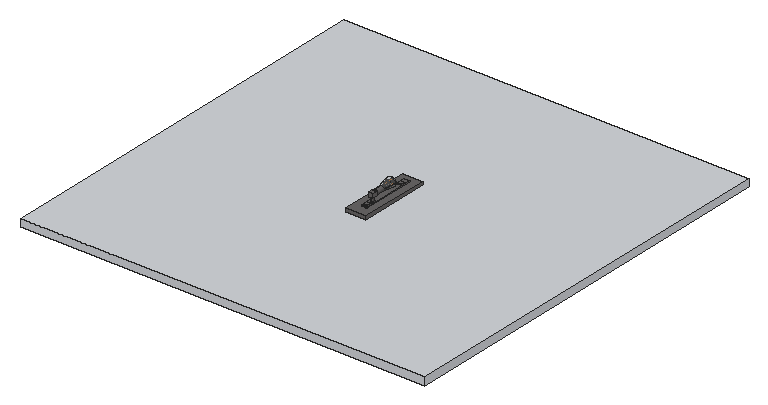
Revit family "P710093-031", category Lighting Fixtures, host Face, Revit 2014
Parameters (values of type "P710093-031")
  Wood = Paint - Hubbell - Textured Camera Black
  White = Paint - Hubbell - Matte White
  Watts = 17 W
  Wattage Comments = "60w"
  Wattage = 60 W
  Warranty = "1 year Warranty"  # constant formula
  built-in parameter 1150110 = 1 (stored number, unit not read)
  Voltage = 120 V
  URL = "https://www.hubbell.com/progresslighting/en"
  built-in parameter 1114217 = 1 (stored number, unit not read)
  Tilt Angle = 60.00°
  built-in parameter 1150109 = 1 (stored number, unit not read)
  built-in parameter 1150134 = 3
  built-in parameter 1150113 = 1 (stored number, unit not read)
  Product Link = "https://www.hubbell.com/progresslighting/en/Products/Lighting-Controls/Residential-Indoor-Lighting/Sconces-Wall-Brackets/Hemsworth-Collection-One-Light-Aged-Oak-Wall-Bracket/p/3980874#prod-detail-section"
  Product Documentation Link = "https://hubbellcdn.com/specsheet/PROG_P710093-031_spec.pdf"
  Power Factor = 1
  Photometric Web File = "generic"
  built-in parameter 1150142 = (empty or 0)
  Model = "P710093-031"  # constant formula
  Manufacturer = "Progress Lighting"  # constant formula
  built-in parameter 1150105 = 709.24 (stored number, unit not read)
  Lumens = 8912.52 lm
  built-in parameter 1150115 = 1 (stored number, unit not read)
  Load Classification = Lighting
  Width = 4 3/4"
  built-in parameter 1150137 = (empty or 0)
  built-in parameter 1150139 = (empty or 0)
  built-in parameter 1150112 = 1 (stored number, unit not read)
  built-in parameter 1150114 = 1 (stored number, unit not read)
  Lamp = "LED or Incandescent"
  built-in parameter 1150132 = (empty or 0)
  built-in parameter 1150102 = (empty or 0)
  built-in parameter 1150107 = 3200 (stored number, unit not read)
  built-in parameter 1150138 = (empty or 0)
  built-in parameter 1150106 = 7.0924 (stored number, unit not read)
  Housing Material = Paint - Hubbell - Textured Camera Black
  Gold = Hubbell - Gold
  Glass = Paint - Hubbell - White Texture
  Fixture distribution = "Direct"  # constant formula
  Specifications = "Country character is the cornerstone of this light fixture with an aged oak finish.\r\nThe design is completed by barn-inspired metal details.\r\nCreate an extension of your personality and lifestyle with the rustic charm of this wall light.\r\nIdeal for any hallway, foyer, bathroom, sitting room, living room, or stairway.\r\nPerfect for urban industrial, rustic, farmhouse, or coastal settings.\r\nMeasures 4-3/4-inch width by 16-3/4-inch height.\r\nUses one medium base bulb that is sold separately (60w max - LED or incandescent).\r\nAble to be fully dimmable with dimmable bulbs.\r\nIncludes installation instructions and mounting hardware.\r\nProgress Lighting products are designed for exceptional quality, reliability, and functionality."  # constant formula
  Height = 16 3/4"
  built-in parameter 1150104 = 13.8 (stored number, unit not read)
  Dimming Lamp Color Temperature Shift = <None>
  Description = "Create an extension of your personality and lifestyle with the rustic charm of the wall bracket. Country character is the cornerstone of this light fixture with an aged oak finish. The design is completed by barn-inspired metal details."  # constant formula
  Depth = 3 223/256"
  Default Elevation = 48"
  Copyright = " ©2020 Progress Lighting, a division of Hubbell Lighting, Inc"  # constant formula
  Contact = "https://www.hubbell.com/progresslighting/en/contactUs"
  Connector Description = "Lighting Connector"  # constant formula
  Color Filter = 16777215
  built-in parameter 1114218 = 1 (stored number, unit not read)
  built-in parameter 1150133 = 10 (stored number, unit not read)
  Assembly Code = "D5020200"
  Apparent Load = Watts / Power Factor  # 17 VA
Reference planes (in)
  plane 1 "Center (Front/Back)": y = 0
  plane 2: z = 0.5561
  plane 3 "Center (Left/Right)": x = 0
  plane 4: z = 5.8061
  plane 5: x = -2.375
  plane 6: x = 2.375
  plane 7: y = -8.375
  plane 8: y = 8.375
Forms (in)
  Extrusion 1, solid
    sketch origin (0, 0, 0) x (1, 0, 0) y (0, 1, 0)
      loop
        line (-48, 48) -> (-48, -48) -> (48, -48) -> (48, 48) -> (-48, 48)
    from 0.5561 to -1.25
  Extrusion 2, solid, material "Paint - Hubbell - Textured Camera Black" <- "Wood"
    sketch origin (0, 0, 0) x (1, 0, 0) y (0, 1, 0)
      loop
        line (-2.375, 8.375) -> (-2.375, -8.375) -> (2.375, -8.375) -> (2.375, 8.375) -> (-2.375, 8.375)
    from 0.5561 to 1.35745
  Revolve 3, solid, material "Paint - Hubbell - Textured Camera Black" <- "Housing Material"
    sketch origin (0, 6.10938, -1.125) x (0, 1, 0) y (0, 0, 1)
      loop
        line (-7.03726, 4.79346) -> (-7.03726, 4.85741) -> (-9.00706, 4.85741) -> (-9.00706, 4.49539) -> (-9.1196, 4.49539) -> (-9.1196, 4.24539) -> (-9.00706, 4.24539) -> (-8.9375, 4.24539) -> (-8.9375, 4.79346) -> (-7.03726, 4.79346)
      axis (-9.1196, 4.24539) -> (-7.03726, 4.24539)
    angle from 0 to 360
  Extrusion 4, solid, material "Paint - Hubbell - Textured Camera Black" <- "Housing Material"
    sketch origin (0, 0, 0) x (1, 0, 0) y (0, 1, 0)
      loop
        line (-0.68628, 6.78498) -> (-0.68628, -5.91226) -> (0, -5.91226) -> (0.68628, -5.91226) -> (0.68628, 6.78498) -> (0, 6.78498) -> (-0.68628, 6.78498)
    from 1.35745 to 1.50409
  Extrusion 5, solid, material "Paint - Hubbell - Textured Camera Black" <- "Housing Material"
    sketch origin (0, 1.5625, -0.5) x (0, 1, 0) y (0, 0, 1)
      loop
        line (-4.57266, 3.07334) -> (-4.57266, 4.07334) -> (-5.57266, 4.07334) -> (-5.57266, 3.07334) -> (-4.57266, 3.07334)
    from -0.54998 to 0.53253
  Revolve 6, solid, material "Paint - Hubbell - Textured Camera Black" <- "Housing Material"
    sketch origin (0, 1.5, 0) x (0, 1, 0) y (0, 0, 1)
      loop
        line (-5.01016, 2.94834) -> (-5.26016, 2.94834) -> (-5.26016, 1.58335) -> (-5.32243, 1.58335)
        arc (-5.32243, 1.58335) -> (-5.34358, 1.57459) -> (-5.35234, 1.55343) r 0.02991
        line (-5.35234, 1.55343) -> (-5.35234, 1.50409) -> (-5.01016, 1.50409) -> (-5.01016, 2.94834)
      axis (-5.01016, 2.94834) -> (-5.01016, 1.50409)
    angle from 0 to 360
  Extrusion 7, solid, material "Paint - Hubbell - Textured Camera Black" <- "Housing Material"
    sketch origin (0, 0, 0) x (1, 0, 0) y (0, 1, 0)
      loop
        line (-0.4166, -4.6662) -> (-0.4166, -5.47911) -> (0.4329, -5.47911) -> (0.4329, -4.6662) -> (-0.4166, -4.6662)
      loop
        line (-0.4166, 4.6662) -> (0.4329, 4.6662) -> (0.4329, 5.47911) -> (-0.4166, 5.47911) -> (-0.4166, 4.6662)
    from 1.35745 to 1.71506
  Revolve 8, solid, material "Paint - Hubbell - White Texture" <- "Glass"
    sketch origin (0.04118, -8.39784, 3.17429) x (1, 0, 0) y (0, 1, 0)
      loop
        line (0, 7.43773) -> (0.52673, 7.43773)
        spline (0.52673, 7.43773) -> (0.61299, 7.70941) -> (0.67917, 7.95907) -> (0.73101, 8.1893) -> (0.7742, 8.40275) -> (0.81281, 8.60362) -> (0.8487, 8.79821) -> (0.88358, 8.993) -> (0.91915, 9.19446) -> (0.957, 9.41274) -> (0.99835, 9.66719) -> (1.04437, 9.97859) -> (1.09627, 10.36772)
        spline (1.09627, 10.36772) -> (1.09996, 10.47562) -> (1.08417, 10.55644) -> (1.05584, 10.61794) -> (1.02147, 10.6675) -> (0.98284, 10.70826) -> (0.93892, 10.74085) -> (0.88866, 10.76587) -> (0.82981, 10.78427) -> (0.75427, 10.79881) -> (0.65207, 10.81279) -> (0.51324, 10.82952) -> (0.32782, 10.8523)
        arc (0.32782, 10.8523) -> (0.17333, 10.94345) -> (0, 10.98962) r 0.65985
        line (0, 10.98962) -> (0, 7.43773)
      axis (0, 10.98962) -> (0, 7.43773)
    angle from 0 to 360
  Revolve 9, solid, material "Paint - Hubbell - White Texture" <- "Glass"
    sketch origin (0.04118, -8.39784, 3.17429) x (1, 0, 0) y (0, 1, 0)
      loop
        line (0, 7.43773) -> (0, 10.56087) -> (0, 10.66244) -> (-0.11058, 10.66244)
        arc (-0.11058, 10.66244) -> (-0.13207, 10.62395) -> (-0.10174, 10.59197) r 0.0372
        arc (-0.10174, 10.59197) -> (-0.07712, 10.57767) -> (-0.0674, 10.55091) r 0.04171
        line (-0.0674, 10.55091) -> (-0.0674, 10.36451) -> (-0.0674, 8.11451) -> (-0.3174, 8.11451) -> (-0.3174, 7.86451) -> (-0.14062, 7.68773) -> (-0.14062, 7.43773) -> (0, 7.43773)
      axis (0, 7.43773) -> (0, 10.66244)
    angle from 0 to 360
  Revolve 10, solid, material "Hubbell - Gold" <- "Gold"
    sketch origin (0.04118, -8.39784, 3.17429) x (1, 0, 0) y (0, 1, 0)
      loop
        line (-0.47346, 8.28115) -> (-0.61841, 10.35395) -> (-0.66329, 10.35395) -> (-0.51834, 8.28115) -> (-0.47346, 8.28115)
      axis (-0.61862, 10.35707) -> (-0.47346, 8.28115)
    angle from 0 to 360
  Revolve 11, solid, material "Hubbell - Gold" <- "Gold"
    sketch origin (0.04118, -8.39784, 3.17429) x (-1, 0, 0) y (0, -1, 0)
      loop
        line (-0.47346, -8.28115) -> (-0.51834, -8.28115) -> (-0.66723, -10.41041) -> (-0.62235, -10.41041) -> (-0.47346, -8.28115)
      axis (-0.62257, -10.41353) -> (-0.47346, -8.28115)
    angle from 0 to 360
  Revolve 12, solid, material "Hubbell - Gold" <- "Gold"
    sketch origin (0.04118, -8.39784, 3.17429) x (0, 0, -1) y (0, 1, 0)
      loop
        line (-0.47346, 8.28115) -> (-0.62034, 10.38161) -> (-0.66522, 10.38161) -> (-0.51834, 8.28115) -> (-0.47346, 8.28115)
      axis (-0.62056, 10.38473) -> (-0.47346, 8.28115)
    angle from 0 to 360
  Revolve 13, solid, material "Hubbell - Gold" <- "Gold"
    sketch origin (0.04118, -8.39784, 3.17429) x (0, 0, 1) y (0, -1, 0)
      loop
        line (-0.47346, -8.28115) -> (-0.51834, -8.28115) -> (-0.66605, -10.39346) -> (-0.62117, -10.39346) -> (-0.47346, -8.28115)
      axis (-0.62139, -10.39659) -> (-0.47346, -8.28115)
    angle from 0 to 360
  Sweep 14, solid, material "Paint - Hubbell - White Texture" <- "Glass"
    path origin (0.05775, -8.89784, 3.17429) x (1, 0, 0) y (0, 1, 0)
      loop
        line (0.61067, 10.88516) -> (0.61067, 10.98257)
        arc (0.61067, 10.98257) -> (0.57513, 11.06837) -> (0.48933, 11.10391) r 0.12134
        line (0.48933, 11.10391) -> (0.04812, 11.10391)
    profile origin (0.66842, 2.03603, 3.17429) x (-1, 0, 0) y (0, 0, 1)
      loop
        circle (0, 0.00095) r 0.031
  Sweep 15, solid, material "Paint - Hubbell - White Texture" <- "Glass"
    path origin (0.0246, -8.89784, 3.17429) x (-1, 0, 0) y (0, -1, 0)
      loop
        line (0.61067, -10.88516) -> (0.61067, -10.98257)
        arc (0.61067, -10.98257) -> (0.57513, -11.06837) -> (0.48933, -11.10391) r 0.12134
        line (0.48933, -11.10391) -> (0.04812, -11.10391)
    profile origin (-0.58607, 2.03603, 3.17429) x (-1, 0, 0) y (0, 0, 1)
      loop
        circle (0, 0.00095) r 0.031
  Sweep 16, solid, material "Paint - Hubbell - White Texture" <- "Glass"
    path origin (0.04213, -8.89784, 3.19181) x (0, 0, 1) y (0, 1, 0)
      loop
        line (0.61067, 10.88516) -> (0.61067, 10.98257)
        arc (0.61067, 10.98257) -> (0.57513, 11.06837) -> (0.48933, 11.10391) r 0.12134
        line (0.48933, 11.10391) -> (0.04812, 11.10391)
    profile origin (0.04213, 2.03603, 3.80248) x (0, 0, -1) y (-1, 0, 0)
      loop
        circle (0, 0.00095) r 0.031
  Sweep 17, solid, material "Paint - Hubbell - White Texture" <- "Glass"
    path origin (0.04213, -8.89784, 3.15866) x (0, 0, -1) y (0, -1, 0)
      loop
        line (0.61067, -10.88516) -> (0.61067, -10.98257)
        arc (0.61067, -10.98257) -> (0.57513, -11.06837) -> (0.48933, -11.10391) r 0.12134
        line (0.48933, -11.10391) -> (0.04812, -11.10391)
    profile origin (0.04213, 2.03603, 2.54799) x (0, 0, -1) y (-1, 0, 0)
      loop
        circle (0, 0.00095) r 0.031
  Sweep 18, solid, material "Paint - Hubbell - White Texture" <- "Glass"
    path origin (0.05775, 10.83642, 3.17429) x (1, 0, 0) y (0, 1, 0)
      loop
        line (0.45442, -10.88516) -> (0.45442, -10.98257)
        arc (0.45442, -10.98257) -> (0.41888, -11.06837) -> (0.33308, -11.10391) r 0.12134
        line (0.33308, -11.10391) -> (0.04812, -11.10391)
    profile origin (0.51217, -0.09745, 3.17429) x (1, 0, 0) y (0, 0, 1)
      loop
        circle (0, 0.00095) r 0.031
  Sweep 19, solid, material "Paint - Hubbell - White Texture" <- "Glass"
    path origin (0.0246, 10.83642, 3.17429) x (-1, 0, 0) y (0, -1, 0)
      loop
        line (0.45442, 10.88516) -> (0.45442, 10.98257)
        arc (0.45442, 10.98257) -> (0.41888, 11.06837) -> (0.33308, 11.10391) r 0.12134
        line (0.33308, 11.10391) -> (0.04812, 11.10391)
    profile origin (-0.42982, -0.09745, 3.17429) x (1, 0, 0) y (0, 0, 1)
      loop
        circle (0, 0.00095) r 0.031
  Sweep 20, solid, material "Paint - Hubbell - White Texture" <- "Glass"
    path origin (0.04213, 10.83642, 3.19181) x (0, 0, 1) y (0, 1, 0)
      loop
        line (0.45442, -10.88516) -> (0.45442, -10.98257)
        arc (0.45442, -10.98257) -> (0.41888, -11.06837) -> (0.33308, -11.10391) r 0.12134
        line (0.33308, -11.10391) -> (0.04812, -11.10391)
    profile origin (0.04213, -0.09745, 3.64623) x (0, 0, 1) y (-1, 0, 0)
      loop
        circle (0, 0.00095) r 0.031
  Sweep 21, solid, material "Paint - Hubbell - White Texture" <- "Glass"
    path origin (0.04213, 10.83642, 3.15866) x (0, 0, -1) y (0, -1, 0)
      loop
        line (0.45442, 10.88516) -> (0.45442, 10.98257)
        arc (0.45442, 10.98257) -> (0.41888, 11.06837) -> (0.33308, 11.10391) r 0.12134
        line (0.33308, 11.10391) -> (0.04812, 11.10391)
    profile origin (0.04213, -0.09745, 2.70424) x (0, 0, 1) y (-1, 0, 0)
      loop
        circle (0, 0.00095) r 0.031
  Extrusion 22, solid, material "Paint - Hubbell - Textured Camera Black" <- "Housing Material"
    sketch origin (0, 0, 0) x (1, 0, 0) y (0, 1, 0)
      loop
        line (-1.72676, 1.41327) -> (-1.72676, -4.33673) -> (1.77324, -4.33673) -> (1.77324, 1.41327) -> (-1.72676, 1.41327)
    from -0.51799 to 0.5561
Dimensions and locks (in)
  "Width": plane 5 to plane 6
  equal spacing: plane 5, plane 3 "Center (Left/Right)", plane 6
  equal spacing: plane 7, plane 1 "Center (Front/Back)", plane 8
  "Height": plane 7 to plane 8
  plane 4 to plane 2 = 5 1/4"
  aligned and locked: plane 2 to Extrusion 1
Automatic sketch dimensions
  Extrusion 1 sketch curve to Extrusion 1 sketch curve = 96"  (x2)
  Extrusion 2 sketch curve to plane 5 = 0"
  Extrusion 2 sketch curve to plane 6 = 0"
  plane 7 to Extrusion 2 sketch curve = 0"
  plane 8 to Extrusion 2 sketch curve = 0"
  plane 1 "Center (Front/Back)" to Revolve 3 sketch curve = 3.01023"
  Revolve 3 sketch curve to Revolve 3 sketch curve = 0.11254"  (x2)
  Revolve 3 sketch curve to Revolve 3 sketch curve = 0.06956"
  plane 1 "Center (Front/Back)" to Revolve 3 sketch curve = 0.92788"
  plane 2 to Revolve 3 sketch curve = 2.56428"  (x2)
  Revolve 3 sketch curve to Revolve 3 sketch curve = 1/4"
  Revolve 3 sketch curve to Revolve 3 sketch curve = 0.29808"
  Revolve 3 sketch curve to Revolve 3 sketch curve = 0.06395"
  plane 1 "Center (Front/Back)" to Revolve 3 sketch curve = 33/64"
  Revolve 3 sketch curve to plane 1 "Center (Front/Back)" = 3 55/64"
  Extrusion 4 sketch curve to plane 3 "Center (Left/Right)" = 0"  (x2)
  Extrusion 4 sketch curve to plane 3 "Center (Left/Right)" = 0.68628"
  Extrusion 4 sketch curve to Extrusion 4 sketch curve = 0.68628"
  Extrusion 4 sketch curve to plane 7 = 2.46274"
  plane 8 to Extrusion 4 sketch curve = 1.59002"
  plane 1 "Center (Front/Back)" to Extrusion 5 sketch curve = 4.01016"
  Extrusion 5 sketch curve to Extrusion 5 sketch curve = 1"  (x2)
  plane 2 to Extrusion 5 sketch curve = 2.01723"
  plane 2 to Revolve 6 sketch curve = 0.99733"
  plane 1 "Center (Front/Back)" to Revolve 6 sketch curve = 3.85234"
  Revolve 6 sketch curve to Revolve 6 sketch curve = 0.02991"
  Revolve 6 sketch curve to Revolve 6 sketch curve = 0.06227"
  Revolve 6 sketch curve to Revolve 6 sketch curve = 1/4"
  Revolve 6 sketch curve to Revolve 6 sketch curve = 0.04935"
  Revolve 6 sketch curve to Revolve 6 sketch curve = 1.36499"
  Revolve 6 sketch curve to Revolve 6 sketch curve = 0"  (x3)
  Extrusion 7 sketch curve to plane 3 "Center (Left/Right)" = 0.4166"  (x2)
  plane 3 "Center (Left/Right)" to Extrusion 7 sketch curve = 0.4329"  (x2)
  Extrusion 7 sketch curve to plane 7 = 2.89589"
  Extrusion 7 sketch curve to Extrusion 7 sketch curve = 0.81292"  (x2)
  plane 8 to Extrusion 7 sketch curve = 3.7088"
  Revolve 9 sketch curve to plane 6 = 2.65122"
  Revolve 9 sketch curve to plane 6 = 2.47445"
  Revolve 9 sketch curve to plane 6 = 2.4444"
  Revolve 9 sketch curve to plane 6 = 2.44294"
  Revolve 9 sketch curve to Revolve 9 sketch curve = 0.01542"
  Revolve 9 sketch curve to plane 6 = 2.40122"
  Revolve 9 sketch curve to plane 6 = 2.33382"  (x2)
  plane 1 "Center (Front/Back)" to Revolve 9 sketch curve = 0.96011"
  Revolve 9 sketch curve to Revolve 9 sketch curve = 1/4"  (x2)
  Revolve 9 sketch curve to Revolve 9 sketch curve = 0.17678"
  Revolve 9 sketch curve to plane 1 "Center (Front/Back)" = 1.96667"
  Revolve 9 sketch curve to Revolve 9 sketch curve = 0.1864"
  Revolve 9 sketch curve to Revolve 9 sketch curve = 0.00996"
  Revolve 9 sketch curve to Revolve 9 sketch curve = 0.07767"
  Revolve 9 sketch curve to Revolve 9 sketch curve = 0.03385"
  Revolve 9 sketch curve to Revolve 9 sketch curve = 0"
  plane 8 to Revolve 9 sketch curve = 0.58511"
  Revolve 10 sketch curve to plane 6 = 2.99711"
  Revolve 10 sketch curve to Revolve 10 sketch curve = 0.04488"  (x2)
  Revolve 10 sketch curve to plane 6 = 2.85217"
  plane 1 "Center (Front/Back)" to Revolve 10 sketch curve = 0.11669"
  Revolve 10 sketch curve to plane 1 "Center (Front/Back)" = 1.95611"
  Revolve 10 sketch curve to Revolve 10 sketch curve = 0.00817"
  Revolve 10 sketch curve to Revolve 10 sketch curve = 0.00483"
  Revolve 10 sketch curve to Revolve 10 sketch curve = 0.06901"
  Revolve 10 sketch curve to Revolve 10 sketch curve = 0.52497"
  Revolve 11 sketch curve to plane 6 = 1.66659"
  Revolve 11 sketch curve to Revolve 11 sketch curve = 0.04488"  (x2)
  Revolve 11 sketch curve to plane 6 = 1.81548"
  Revolve 11 sketch curve to plane 1 "Center (Front/Back)" = 2.01257"
  plane 1 "Center (Front/Back)" to Revolve 11 sketch curve = 0.11669"
  Revolve 11 sketch curve to Revolve 11 sketch curve = 0.01212"
  Revolve 11 sketch curve to Revolve 11 sketch curve = 0.00483"
  Revolve 11 sketch curve to Revolve 11 sketch curve = 0.46851"
  Revolve 11 sketch curve to Revolve 11 sketch curve = 0.06901"
  Revolve 12 sketch curve to plane 4 = 1.96659"
  Revolve 12 sketch curve to Revolve 12 sketch curve = 0.04488"  (x2)
  Revolve 12 sketch curve to plane 4 = 2.11347"
  plane 1 "Center (Front/Back)" to Revolve 12 sketch curve = 0.11669"
  Revolve 12 sketch curve to plane 1 "Center (Front/Back)" = 1.98377"
  Revolve 12 sketch curve to Revolve 12 sketch curve = 0.01011"
  Revolve 12 sketch curve to Revolve 12 sketch curve = 0.00483"
  Revolve 12 sketch curve to Revolve 12 sketch curve = 0.06901"
  Revolve 12 sketch curve to Revolve 12 sketch curve = 0.49731"
  Revolve 13 sketch curve to plane 4 = 3.29786"
  Revolve 13 sketch curve to Revolve 13 sketch curve = 0.04488"  (x2)
  Revolve 13 sketch curve to plane 4 = 3.15016"
  Revolve 13 sketch curve to plane 1 "Center (Front/Back)" = 1.99563"
  plane 1 "Center (Front/Back)" to Revolve 13 sketch curve = 0.11669"
  Revolve 13 sketch curve to plane 4 = 3.28693"
  Revolve 13 sketch curve to Revolve 13 sketch curve = 0.00483"
  Revolve 13 sketch curve to Revolve 13 sketch curve = 0.48545"
  Revolve 13 sketch curve to Revolve 13 sketch curve = 0.06901"
  Sweep 14 sketch curve to plane 6 = 1.82792"
  Sweep 14 sketch curve to Sweep 14 sketch curve = 0.12134"
  Sweep 14 sketch curve to plane 1 "Center (Front/Back)" = 2.08473"
  Sweep 14 sketch curve to plane 6 = 2.26913"
  Sweep 14 sketch curve to Sweep 14 sketch curve = 0.09741"
  Sweep 14 sketch curve to profile plane = 0"
  profile plane to Sweep 14 sketch curve = 0.00095"
  Sweep 15 sketch curve to plane 6 = 2.83972"
  Sweep 15 sketch curve to Sweep 15 sketch curve = 0.12134"
  Sweep 15 sketch curve to plane 1 "Center (Front/Back)" = 2.20608"
  Sweep 15 sketch curve to plane 6 = 2.39852"
  Sweep 15 sketch curve to Sweep 15 sketch curve = 0.09741"
  Sweep 15 sketch curve to profile plane = 0"
  profile plane to Sweep 15 sketch curve = 0.00095"
  Sweep 16 sketch curve to plane 4 = 2.12497"
  Sweep 16 sketch curve to Sweep 16 sketch curve = 0.12134"
  Sweep 16 sketch curve to plane 1 "Center (Front/Back)" = 2.08473"
  Sweep 16 sketch curve to plane 4 = 2.56617"
  Sweep 16 sketch curve to Sweep 16 sketch curve = 0.09741"
  Sweep 16 sketch curve to profile plane = 0"
  profile plane to Sweep 16 sketch curve = 0.00095"
  Sweep 17 sketch curve to plane 4 = 3.13676"
  Sweep 17 sketch curve to Sweep 17 sketch curve = 0.12134"
  Sweep 17 sketch curve to plane 1 "Center (Front/Back)" = 2.20608"
  Sweep 17 sketch curve to plane 4 = 2.69556"
  Sweep 17 sketch curve to Sweep 17 sketch curve = 0.09741"
  Sweep 17 sketch curve to profile plane = 0"
  profile plane to Sweep 17 sketch curve = 0.00095"
  Sweep 18 sketch curve to plane 6 = 1.98417"
  Sweep 18 sketch curve to Sweep 18 sketch curve = 0.12134"
  plane 1 "Center (Front/Back)" to Sweep 18 sketch curve = 0.2675"
  Sweep 18 sketch curve to plane 6 = 2.26913"
  Sweep 18 sketch curve to Sweep 18 sketch curve = 0.09741"
  profile plane to Sweep 18 sketch curve = 0"
  profile plane to Sweep 18 sketch curve = 0.00095"
  Sweep 19 sketch curve to plane 6 = 2.68347"
  Sweep 19 sketch curve to Sweep 19 sketch curve = 0.12134"
  plane 1 "Center (Front/Back)" to Sweep 19 sketch curve = 0.14615"
  Sweep 19 sketch curve to plane 6 = 2.39852"
  Sweep 19 sketch curve to Sweep 19 sketch curve = 0.09741"
  profile plane to Sweep 19 sketch curve = 0"
  profile plane to Sweep 19 sketch curve = 0.00095"
  Sweep 20 sketch curve to plane 4 = 2.28122"
  Sweep 20 sketch curve to Sweep 20 sketch curve = 0.12134"
  plane 1 "Center (Front/Back)" to Sweep 20 sketch curve = 0.2675"
  Sweep 20 sketch curve to Sweep 20 sketch curve = 0.28495"
  Sweep 20 sketch curve to Sweep 20 sketch curve = 0.09741"
  Sweep 20 sketch curve to profile plane = 0"
  profile plane to Sweep 20 sketch curve = 0.00095"
  Sweep 21 sketch curve to plane 4 = 2.98051"
  Sweep 21 sketch curve to Sweep 21 sketch curve = 0.12134"
  plane 1 "Center (Front/Back)" to Sweep 21 sketch curve = 0.14615"
  Sweep 21 sketch curve to plane 4 = 2.69556"
  Sweep 21 sketch curve to Sweep 21 sketch curve = 0.09741"
  Sweep 21 sketch curve to profile plane = 0"
  profile plane to Sweep 21 sketch curve = 0.00095"
  Revolve 8 sketch curve to plane 3 "Center (Left/Right)" = 0.04042"
  plane 3 "Center (Left/Right)" to Revolve 8 sketch curve = 0.04118"  (x2)
  Revolve 8 sketch curve to Revolve 8 sketch curve = 0.32782"
  Revolve 8 sketch curve to Revolve 8 sketch curve = 0.76844"
  plane 1 "Center (Front/Back)" to Revolve 8 sketch curve = 0.96011"
  Revolve 8 sketch curve to plane 1 "Center (Front/Back)" = 1.93699"
  Revolve 8 sketch curve to Revolve 8 sketch curve = 0.03289"
  Revolve 8 sketch curve to Revolve 8 sketch curve = 0.51748"
  Revolve 8 sketch curve to Revolve 8 sketch curve = 0.52673"
  plane 7 to Revolve 8 sketch curve = 24.02284"
  Revolve 8 sketch curve to plane 8 = 10.87133"
  plane 5 to Extrusion 22 sketch curve = 0.64824"
  Extrusion 22 sketch curve to plane 6 = 0.60176"
  Extrusion 22 sketch curve to plane 7 = 4.03827"
  Extrusion 22 sketch curve to plane 1 "Center (Front/Back)" = 1.41327"
  radius of Sweep 14 sketch curve = 0.031"
  radius of Sweep 15 sketch curve = 0.031"
  radius of Sweep 16 sketch curve = 0.031"
  radius of Sweep 17 sketch curve = 0.031"
  radius of Sweep 18 sketch curve = 0.031"
  radius of Sweep 19 sketch curve = 0.031"
  radius of Sweep 20 sketch curve = 0.031"
  radius of Sweep 21 sketch curve = 0.031"
Connectors (in)
  electrical at (0, 0, 0.5561), driven by "Connector Description", driven by "Power Factor", driven by "Apparent Load", driven by "Voltage", driven by "Load Classification"
    settings: on Extrusion 2, index 1, voltage 120 V, apparent load 17 VA, apparent load phase1 0 VA, apparent load phase2 0 VA, apparent load phase3 0 VA, power factor 1, load classification "Lighting", number of poles 1, system type 30, power factor state 1, is connector primary yes, connector utility no, sub classification motor no, connector description "Lighting Connector"
